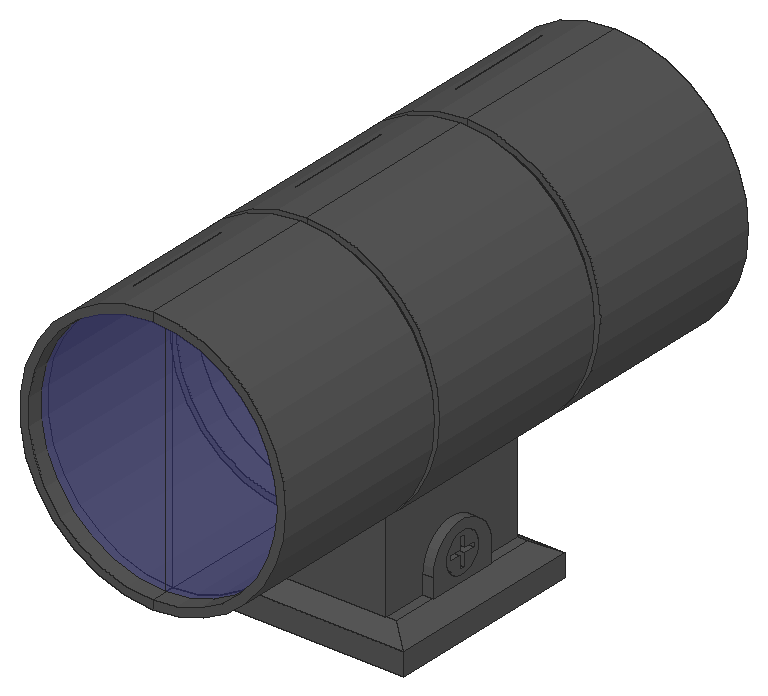
Revit family "CARLO CYLINDER LIGHT WALL MOUNT", category Lighting Fixtures, host Face, Revit 2020 (continued)
Types (10): name | Wattage_Input | Wattage Comments | Wattage | Photometric Web File | built-in parameter 1150142 | Model | built-in parameter 1150105 | Lumens | Light Length 1 | LIGHT RADIUS | LIGHT PLACEMENT | LIGHT LENGTH | LIGHT DIA | built-in parameter 1150106 | FIXED END HEIGHT | Curve base Height | Base Curve | BEAMING ANGLE | Apparent Load
    43 478.71 \r\n 474.77 471.35 465.82 455.87 441.32 420.52 395.54 367.45 337.66 308.14 \r\n 278.23 247.7 217.22 187.37 158.25 129.08 103.08 84.158 69.512 57.296 \r\n 48.53 44.594 42.564 39.647 36.82 34.187 31.574 28.747 25.984 23.435 \r\n 21.252 19.776 18.587 17.331 16.15 15.084 14.092 13.147 12.244 11.364 \r\n 10.516 9.6998 8.9154 8.1532 7.4374 6.7972 6.2086 5.6519 5.1426 4.6898 \r\n 4.2922 3.9597 3.6675 3.3897 3.1393 2.9219 2.7327 2.572 2.4296 2.2933 \r\n 2.1696 2.0645 1.9679 1.8691 1.7765 1.6969 1.624 1.5535 1.4861 1.4214 \r\n 1.3586 1.2963 1.2364 1.1812 1.1284 1.0771 1.0256 0.97006 0.91626 0.87048 \r\n 0.82722 0.78306 0.73794 0.6888 0.64122 0.60109 0.56442 0.52882 0.4954 0.46485 \r\n 0.43607 0.40852 0.38118 0.35434 0.32702 0.29712 0.26816 0.24427 0.22145 0.19551 \r\n 0.17115 0.15478 0.13708 0.10892 0.076151 0.037228 0.0052719 0 0.000085 0 \r\n 0 0 0 0.0052154 0.01978 0.053807 0.094572 0.13162 0.16826 0.20405 \r\n 0.23983 0.27676 0.31345 0.3485 0.3831 0.41853 0.45312 0.48465 0.51603 0.55218 \r\n 0.58945 0.62443 0.66124 0.70481 0.7493 0.78866 0.82848 0.87276 0.92022 0.97194 \r\n 1.0249 1.0754 1.1262 1.1794 1.2336 1.2883 1.3441 1.4014 1.4596 1.5183 \r\n 1.5771 1.6341 1.6934 1.7604 1.8305 1.8994 1.9724 2.0546 2.1426 2.2334 \r\n 2.3304 2.4345 2.5496 2.6806 2.8252 2.9809 3.1536 3.346 3.5656 3.8196 \r\n 4.112 4.4501 4.8316 5.2502 5.7256 6.28 6.9008 7.5837 8.3264 9.1328 \r\n 9.9798 10.842 11.731 12.652 13.608 14.614 15.648 16.691 17.743 18.77 \r\n 19.846 21.081 22.33 23.33 24.543 26.345 28.728 32.05 35.591 37.94 \r\n 41.535 47.644 58.363 77.853 101.19 123.9 148.77 177.84 208.82 240.11 \r\n 271.65 303.15 333.71 362.48 389.14 413.59 434.23 448.84 459.12 465.43 \r\n 469.58 473.68 477.27 480.62 483.63 486.12 488.49 491.11 493.83 496.63 \r\n 499.53 502.57 505.65 508.71 511.73 514.61 517.6 521 524.51 527.83 \r\n 531.21 534.73 538.54 542.77 547.59 553.14 559.65 567.32 576.47 587.4 \r\n 600.38 615.69 633.68 654.41 679.04 708.56 743.55 783 832.71 901.23 \r\n 979.42 1060.4 1146 1231.6 1329.2 1450.5 1591.3 1752.7 1930.4 2122.5 \r\n 2323.2 2525.4 2731.1 2940 3151.9 3367.9 3583.6 3796.7 4002.4 4195.6 \r\n 4376 4541.1 4692.5 4831.2 4956.6 5069.3 5167.2 5246.7 5313 5370.9 \r\n 5509.6 \r\n5444.5 5451.5 5428.5 5395.9 5353.8 5303.5 5241.7 5165.5 5074.5 4965.5 \r\n 4844 4715.8 4577.9 4429.2 4270.6 4102.5 3924.5 3734.6 3538.2 3339.9 \r\n 3139.9 2940 2740 2539.1 2341.8 2152.1 1970.9 1799.9 1640.3 1493.9 \r\n 1361.2 1242.9 1140.2 1057.9 985.18 909.06 840.66 789.23 747.31 710.25 \r\n 678.77 652.18 629.99 611.78 596.69 583.76 572.86 563.59 555.74 549.03 \r\n 543.32 538.53 534.27 530.05 526.17 522.87 519.79 516.59 513.38 510.15 \r\n 506.95 503.83 500.87 498.34 495.81 492.87 489.73 486.46 483.03 479.46 \r\n 475.69 472.37 467.42 459.4 446.93 427.23 403 375.6 346.28 316.99 \r\n 287.08 256.24 225.45 195.75 166.65 136.71 109.94 91.382 76.616 61.739 \r\n 50.242 45.833 43.959 40.852 37.866 35.179 32.553 29.75 26.955 24.158 \r\n 21.709 20.126 18.893 17.627 16.447 15.343 14.315 13.367 12.469 11.589 \r\n 10.734 9.8981 9.0959 8.339 7.627 6.9634 6.3486 5.7839 5.2697 4.8056 \r\n 4.3943 4.0456 3.7378 3.4486 3.1894 2.9664 2.7732 2.6082 2.4627 2.326 \r\n 2.2023 2.095 1.9958 1.8952 1.801 1.7197 1.6457 1.5755 1.509 1.4453 \r\n 1.3834 1.3206 1.2603 1.2063 1.1543 1.101 1.0476 0.99294 0.94033 0.89407 \r\n 0.84993 0.80487 0.75962 0.71285 0.66776 0.62809 0.59088 0.55388 0.51863 0.48624 \r\n 0.45576 0.42715 0.39887 0.37233 0.34567 0.3166 0.28787 0.2622 0.23736 0.21061 \r\n 0.18612 0.17024 0.15367 0.12867 0.096887 0.050584 0.010128 0 0.00012592 0 \r\n 0 0 0 0.012195 0.032639 0.062772 0.098637 0.13731 0.17714 0.21473 \r\n 0.25239 0.29224 0.33141 0.36676 0.40109 0.43687 0.47194 0.50395 0.53589 0.57211 \r\n 0.60892 0.64263 0.67756 0.71831 0.76039 0.79938 0.83971 0.88499 0.9333 0.98473 \r\n 1.0368 1.0857 1.1352 1.1884 1.2433 1.2984 1.3547 1.413 1.4722 1.5314 \r\n 1.5906 1.6479 1.708 1.7772 1.8495 1.9186 1.9922 2.0779 2.1699 2.2631 \r\n 2.3624 2.4693 2.5881 2.7238 2.8747 3.0393 3.2208 3.4193 3.6434 3.8977 \r\n 4.1936 4.5464 4.9475 5.387 5.8829 6.4532 7.0888 7.7887 8.5473 9.3652 \r\n 10.222 11.093 11.994 12.933 13.908 14.926 15.966 17.008 18.059 19.104 \r\n 20.192 21.407 22.629 23.611 24.83 26.676 29.162 32.682 36.481 38.881 \r\n 43.042 51.374 64.453 84.766 108.99 134.32 161.69 191.51 222.56 253.78 \r\n 285.06 316.35 346.48 374.35 399.69 422.38 440.88 452.7 460.58 466.14 \r\n 470.18 474.2 477.76 480.89 483.72 486.34 488.91 491.58 494.39 497.44 \r\n 500.61 503.84 507.06 510.19 513.23 516.08 519.02 522.42 525.97 529.45 \r\n 532.99 536.53 540.39 544.88 549.98 555.69 562.36 570.21 579.67 591.17 \r\n 604.85 620.83 639.54 661.04 686.54 717.06 753.3 795.13 846.14 911.33 \r\n 986.38 1068.5 1158.1 1252.3 1358.4 1482.5 1624.9 1789.2 1970.3 2167.1 \r\n 2372 2576 2781.9 2989.5 3199.4 3414.4 3628.8 3838.9 4041.6 4233.4 \r\n 4412.5 4574.9 4723.2 4859.2 4981.9 5091.9 5186.8 5262.4 5324.8 5379.3 \r\n 5509.6 \r\n5444.5 5450.1 5430.2 5400.3 5361.2 5315.1 5257.8 5185.6 5098.9 4995 \r\n 4878.7 4754.1 4619.5 4474.5 4319.7 4155.9 3981.8 3794.6 3599.9 3402.3 \r\n 3202.4 3002.6 2803 2603.4 2406.8 2215.1 2030.6 1855.5 1691.4 1541 \r\n 1404.3 1281.9 1175.5 1091.3 1016.2 934.22 859.83 805.26 761.16 721.96 \r\n 688.64 660.49 636.95 617.49 601.33 587.57 576 566.19 557.89 550.74 \r\n 544.64 539.47 534.87 530.33 526.14 522.52 519.19 515.94 512.76 509.55 \r\n 506.41 503.39 500.56 498.18 495.79 492.9 489.83 486.77 483.57 480.15 \r\n 476.54 473.21 468.68 462.47 452.06 433.75 410.65 384.2 355.58 326.61 \r\n 296.76 265.66 234.62 205.16 176.23 145.7 118.24 99.658 84.361 66.829 \r\n 52.63 47.442 45.412 42.068 38.949 36.182 33.529 30.768 27.976 24.983 \r\n 22.305 20.589 19.272 17.977 16.784 15.64 14.575 13.62 12.722 11.837 \r\n 10.974 10.12 9.3017 8.5483 7.8379 7.151 6.51 5.9352 5.4136 4.9379 \r\n 4.5122 4.144 3.8173 3.5164 3.2489 3.0196 2.8214 2.6511 2.5015 2.3634 \r\n 2.2387 2.1283 2.0258 1.9232 1.8273 1.7441 1.6687 1.5984 1.5324 1.4694 \r\n 1.4079 1.3448 1.2841 1.231 1.1795 1.1244 1.0691 1.0154 0.96393 0.91721 \r\n 0.87219 0.82612 0.78067 0.73636 0.69392 0.65491 0.61736 0.5792 0.54228 0.50798 \r\n 0.47568 0.44594 0.41665 0.39029 0.36423 0.33606 0.30766 0.28022 0.25337 0.22601 \r\n 0.20145 0.18554 0.16945 0.14697 0.11608 0.064157 0.016821 0.0022962 0.00015856 0 \r\n 0 0 0.000000 0.020224 0.047519 0.073493 0.10409 0.14496 0.18858 0.22783 \r\n 0.26713 0.31019 0.35206 0.38738 0.42105 0.45717 0.4927 0.52488 0.55705 0.59317 \r\n 0.62943 0.66186 0.69498 0.7331 0.773 0.81181 0.85278 0.89907 0.94807 0.99873 \r\n 1.0495 1.0973 1.1459 1.1991 1.2542 1.3095 1.3662 1.4254 1.4855 1.5453 \r\n 1.6051 1.663 1.7242 1.7956 1.8701 1.9396 2.0138 2.1028 2.1986 2.2944 \r\n 2.3962 2.5062 2.6288 2.7695 2.9266 3.0998 3.2903 3.4963 3.7264 3.9824 \r\n 4.2824 4.6496 5.0697 5.5308 6.0483 6.6355 7.287 8.0044 8.7791 9.6091 \r\n 10.477 11.358 12.271 13.23 14.223 15.252 16.299 17.34 18.393 19.464 \r\n 20.571 21.761 22.957 23.937 25.185 27.096 29.702 33.376 37.488 40.366 \r\n 45.509 56.087 71.428 92.507 117.55 145.42 175.21 205.71 236.75 267.86 \r\n 298.82 329.76 359.28 386.12 410.02 430.72 446.93 456.09 461.75 466.69 \r\n 470.71 474.66 478.19 481.12 483.8 486.55 489.3 492.05 494.94 498.23 \r\n 501.64 505.04 508.37 511.56 514.63 517.46 520.38 523.75 527.32 530.93 \r\n 534.62 538.22 542.17 546.92 552.33 558.24 565.12 573.23 583.06 595.18 \r\n 609.59 626.31 645.83 668.23 694.78 726.39 764.13 809.09 862.17 924.45 \r\n 996.46 1079.2 1172.4 1275.1 1389.9 1517.3 1661.5 1828.9 2013.6 2214.7 \r\n 2423.3 2629.1 2835.6 3042 3250.2 3464.2 3677.1 3884.2 4083.8 4273.8 \r\n 4451.1 4610.7 4756 4888.9 5008.6 5115.6 5207.2 5278.6 5336.8 5387.8 \r\n 5509.6 \r\n5444.5 5449.8 5433.9 5407.6 5372.2 5330.2 5277.3 5209.9 5128.5 5031.2 \r\n 4921.1 4800.8 4669.9 4528.5 4377.3 4217.9 4048.4 3865.6 3674.6 3478.6 \r\n 3279.4 3079.6 2880 2681.5 2485.4 2292.4 2105 1925 1755.4 1599.9 \r\n 1458.3 1330.6 1218.8 1129.5 1049.4 962.49 883.58 825.35 778.25 736.73 \r\n 701.47 671.41 646.15 625.18 607.7 592.83 580.32 569.76 560.84 553.11 \r\n 546.5 540.89 535.91 531.1 526.68 522.8 519.26 515.95 512.77 509.55 \r\n 506.42 503.45 500.69 498.32 495.93 493.07 490.06 487.13 484.09 480.85 \r\n 477.42 474.07 469.89 465.07 456.56 440.49 419.52 394.59 367.03 338.56 \r\n 308.87 277.74 246.56 217.08 188.02 157.16 129.04 109.25 92.331 72.625 \r\n 56.279 49.51 46.452 43.014 40.101 37.231 34.478 31.781 29.063 26.04 \r\n 23.266 21.353 19.836 18.448 17.204 16.023 14.934 13.953 13.036 12.138 \r\n 11.266 10.402 9.5746 8.8114 8.0893 7.3862 6.7269 6.1326 5.5919 5.1009 \r\n 4.6585 4.2635 3.9119 3.6 3.3258 3.0874 2.8804 2.7022 2.5458 2.4028 \r\n 2.2737 2.1577 2.0503 1.945 1.8471 1.7611 1.6832 1.6118 1.5451 1.4813 \r\n 1.4191 1.3555 1.2945 1.2412 1.1895 1.1332 1.0771 1.0235 0.97254 0.92619 \r\n 0.8813 0.83434 0.78851 0.74628 0.70632 0.66853 0.63166 0.5938 0.5568 0.52203 \r\n 0.48903 0.4584 0.42837 0.40184 0.37596 0.34862 0.32067 0.29176 0.2633 0.23597 \r\n 0.21158 0.19461 0.17781 0.15681 0.12742 0.075492 0.026543 0.0069669 0 0 \r\n 0 0.000046 0.0073826 0.033878 0.065704 0.088555 0.11573 0.16033 0.20864 0.24842 \r\n 0.28833 0.33611 0.38219 0.41648 0.44828 0.48549 0.52217 0.55317 0.58404 0.62031 \r\n 0.65689 0.68877 0.72121 0.75915 0.79852 0.83742 0.87874 0.92598 0.97546 1.0244 \r\n 1.0736 1.1224 1.1722 1.2247 1.2789 1.3339 1.3907 1.4502 1.511 1.5714 \r\n 1.632 1.6911 1.7538 1.8273 1.9037 1.9738 2.0487 2.1396 2.2376 2.3357 \r\n 2.4399 2.5525 2.678 2.8221 2.9834 3.1616 3.3585 3.5743 3.8139 4.0739 \r\n 4.3787 4.7568 5.1912 5.6694 6.2055 6.8121 7.4816 8.2121 8.9986 9.8413 \r\n 10.722 11.618 12.546 13.521 14.53 15.571 16.626 17.662 18.721 19.842 \r\n 20.99 22.143 23.3 24.304 25.604 27.603 30.285 33.743 38.062 42.518 \r\n 49.631 61.863 78.661 100.71 126.76 156.44 187.84 218.77 249.78 280.85 \r\n 311.57 341.94 370.64 396.53 419.06 437.46 451.23 458.44 462.7 467.28 \r\n 471.35 475.23 478.72 481.57 484.21 487.06 489.96 492.84 495.87 499.29 \r\n 502.82 506.28 509.65 512.85 515.91 518.76 521.67 524.99 528.5 532.09 \r\n 535.8 539.49 543.58 548.48 554.07 560.24 567.44 575.9 586.13 598.76 \r\n 613.75 631.06 651.31 674.7 702.41 734.95 774.46 824.14 881.36 943.36 \r\n 1013.8 1094.8 1187.9 1295.6 1416.1 1546.7 1693.2 1862.9 2049.7 2252.6 \r\n 2462.8 2670.2 2877.8 3084.5 3292.5 3506.1 3718.2 3923.7 4121.2 4308.7 \r\n 4483.3 4640.9 4784.3 4915 5032 5135.9 5224 5291.8 5346.4 5394.3 \r\n 5509.6 \r\n5444.5 5450.9 5439.8 5418 5387 5348.8 5300 5238.2 5163.2 5073.6 \r\n 4970.8 4855.6 4728.8 4590.8 4443.2 4288.4 4123.9 3947.3 3761.6 3568.3 \r\n 3370.4 3170.5 2970.3 2772.6 2576.9 2383.1 2193.2 2007.7 1831.4 1670.1 \r\n 1522.3 1388.1 1269.4 1171.9 1084.4 993.64 911.83 849.52 798.59 754.48 \r\n 717.08 684.78 657.45 634.72 615.7 599.45 585.77 574.25 564.53 556.1 \r\n 548.89 542.76 537.39 532.38 527.83 523.75 520.04 516.65 513.44 510.18 \r\n 507.03 504.07 501.28 498.78 496.28 493.41 490.45 487.56 484.63 481.57 \r\n 478.35 475.01 471.12 467.25 460.41 447.34 429.47 406.59 380.45 352.71 \r\n 323.33 292.42 261.23 231.41 201.88 170.93 142.18 120.04 100.46 79.127 \r\n 61.252 52.149 47.212 43.758 41.32 38.318 35.402 32.779 30.192 27.304 \r\n 24.569 22.404 20.582 19.038 17.702 16.488 15.387 14.367 13.41 12.491 \r\n 11.607 10.743 9.913 9.1267 8.3794 7.6675 6.9979 6.375 5.8033 5.2936 \r\n 4.832 4.4039 4.022 3.6997 3.42 3.1696 2.95 2.7612 2.5951 2.4437 \r\n 2.3069 2.1831 2.0692 1.9606 1.8603 1.7706 1.6893 1.6156 1.5471 1.481 \r\n 1.4169 1.3527 1.2914 1.2369 1.184 1.1276 1.0714 1.0173 0.96611 0.92095 \r\n 0.8772 0.82956 0.78321 0.74255 0.70471 0.66861 0.63338 0.5973 0.56185 0.52804 \r\n 0.49549 0.46443 0.43398 0.40695 0.38083 0.35417 0.32671 0.29671 0.26713 0.2404 \r\n 0.21642 0.19741 0.17877 0.15825 0.13097 0.084595 0.039285 0.013912 0 0 \r\n 0 0.008331 0.024426 0.054041 0.086532 0.10768 0.13396 0.1836 0.23718 0.27649 \r\n 0.31605 0.36971 0.42116 0.45351 0.48237 0.52129 0.55965 0.58821 0.61639 0.65299 \r\n 0.69061 0.72269 0.75548 0.79477 0.83584 0.87549 0.9173 0.96536 1.015 1.0615 \r\n 1.1088 1.1606 1.2135 1.2649 1.3171 1.3714 1.4279 1.4873 1.5483 1.6093 \r\n 1.6709 1.7318 1.7964 1.8717 1.9496 2.0208 2.0966 2.1878 2.2864 2.3865 \r\n 2.4931 2.6077 2.7353 2.8815 3.045 3.2245 3.4254 3.6531 3.9054 4.1723 \r\n 4.483 4.8688 5.3127 5.8033 6.3549 6.983 7.6725 8.4121 9.2061 10.062 \r\n 10.959 11.873 12.819 13.807 14.827 15.88 16.944 17.975 19.042 20.236 \r\n 21.444 22.55 23.662 24.72 26.105 28.215 30.946 33.878 38.347 45.454 \r\n 55.479 68.761 86.214 109.46 136.72 167.38 199.5 230.61 261.58 292.69 \r\n 323.2 352.8 380.47 405.45 426.66 442.52 453.81 459.83 463.53 468 \r\n 472.15 475.96 479.39 482.29 485.02 487.93 490.91 493.98 497.18 500.63 \r\n 504.15 507.57 510.9 514.06 517.11 519.99 522.93 526.15 529.53 532.96 \r\n 536.57 540.41 544.69 549.59 555.24 561.74 569.37 578.25 588.93 601.96 \r\n 617.38 635.16 656.06 680.51 709.49 742.83 784.36 840.09 903.36 967.9 \r\n 1038.4 1115.8 1205.3 1314.1 1437.3 1570.8 1720.1 1891.3 2078.6 2280.9 \r\n 2490.6 2699 2908.2 3116.7 3326.3 3540.1 3751.9 3957.3 4153.8 4337.9 \r\n 4509 4665.5 4808 4937 5051.9 5152.5 5237.2 5301.8 5353.5 5398.8 \r\n 5509.6 \r\n5444.5 5452.3 5446.1 5429.2 5402.5 5367.9 5323.2 5266.8 5198.2 5116.3 \r\n 5021 4911.2 4788.6 4654.1 4509.9 4359.3 4199.8 4029.5 3849.6 3659.3 \r\n 3462.8 3262.9 3062.3 2865.1 2669.6 2475 2282.8 2092 1909.4 1742.3 \r\n 1588.4 1447.6 1321.6 1215 1119.6 1025.8 942.01 875.64 820.58 773.44 \r\n 733.46 698.77 669.32 644.77 624.17 606.49 591.56 579.03 568.45 559.29 \r\n 551.45 544.78 539.01 533.81 529.15 524.89 521.02 517.55 514.28 510.99 \r\n 507.81 504.83 501.99 499.34 496.68 493.8 490.88 488.02 485.15 482.27 \r\n 479.23 475.9 472.23 469.06 463.69 453.68 439.11 418.53 394.05 367.22 \r\n 338.31 307.77 276.68 246.52 216.52 185.55 156.2 131.47 109.04 86.282 \r\n 67.088 55.501 48.424 44.716 42.561 39.39 36.324 33.759 31.303 28.59 \r\n 25.938 23.528 21.393 19.672 18.225 16.979 15.871 14.807 13.806 12.863 \r\n 11.967 11.104 10.272 9.4597 8.6849 7.965 7.2862 6.633 6.0283 5.4994 \r\n 5.0183 4.5562 4.143 3.8093 3.523 3.2596 3.0265 2.8259 2.6491 2.4881 \r\n 2.3427 2.2107 2.0902 1.978 1.8751 1.7817 1.6967 1.6203 1.5493 1.4806 \r\n 1.4145 1.3497 1.2881 1.232 1.1777 1.1213 1.0654 1.0106 0.95909 0.91506 \r\n 0.87245 0.82426 0.77746 0.73805 0.702 0.66745 0.63387 0.59983 0.56626 0.53372 \r\n 0.50185 0.47041 0.43955 0.41194 0.38546 0.35935 0.33233 0.3014 0.27091 0.2449 \r\n 0.22129 0.19993 0.17905 0.15843 0.13317 0.094001 0.053834 0.021959 0 0 \r\n 0 0.017648 0.043308 0.075102 0.10741 0.12804 0.15479 0.2094 0.26787 0.30692 \r\n 0.34618 0.40494 0.46092 0.49123 0.51716 0.55736 0.59697 0.62305 0.64857 0.68532 \r\n 0.72384 0.7563 0.7896 0.83091 0.8743 0.9147 0.95677 1.0053 1.0548 1.0986 \r\n 1.144 1.1988 1.255 1.3053 1.3554 1.4091 1.4652 1.5244 1.5855 1.6471 \r\n 1.71 1.7727 1.8393 1.9161 1.9953 2.0679 2.1448 2.2361 2.3353 2.4376 \r\n 2.5469 2.664 2.794 2.9425 3.1084 3.2893 3.4943 3.7345 4.0009 4.2774 \r\n 4.5963 4.9896 5.4424 5.9461 6.514 7.1637 7.8735 8.6231 9.4255 10.296 \r\n 11.209 12.141 13.105 14.104 15.134 16.197 17.271 18.301 19.381 20.644 \r\n 21.911 22.979 24.063 25.21 26.724 28.972 31.81 34.358 39.186 49.287 \r\n 62.507 76.822 94.835 119.31 147.73 179.08 211.57 242.76 273.62 304.7 \r\n 334.92 363.58 390.03 413.88 433.61 446.91 455.83 460.97 464.41 468.82 \r\n 473.04 476.76 480.12 483.08 485.92 488.87 491.92 495.18 498.55 501.99 \r\n 505.44 508.8 512.07 515.2 518.24 521.19 524.16 527.31 530.56 533.82 \r\n 537.35 541.37 545.88 550.8 556.52 563.39 571.5 580.88 592.07 605.53 \r\n 621.43 639.75 661.41 687.06 717.46 751.77 795.5 857.36 926.91 994.92 \r\n 1066.5 1140.5 1226.5 1335.8 1461.2 1597.8 1750.2 1923.1 2111.1 2312.2 \r\n 2520.7 2730 2940.7 3151.4 3362.8 3576.8 3788.1 3993.3 4188.8 4369.1 \r\n 4536.4 4691.5 4833 4960.2 5072.5 5169.5 5250.4 5311.7 5360.4 5403.1 \r\n 5509.6 \r\n5444.5 5453.9 5452.7 5440.5 5418.2 5387 5345.9 5294.7 5232.2 5157.8 \r\n 5069.8 4965.6 4847.6 4716.5 4575.4 4428.8 4273.9 4109.8 3935.6 3748.3 \r\n 3553.3 3353.7 3152.9 2955.9 2760.3 2564.8 2370.4 2174.9 1986.5 1813.9 \r\n 1654.2 1506.7 1373.4 1257.5 1154.2 1058.2 973.47 903.25 843.88 793.14 \r\n 750.02 712.83 681.31 654.94 632.75 613.64 597.47 583.91 572.47 562.55 \r\n 554.09 546.89 540.72 535.33 530.57 526.13 522.11 518.55 515.22 511.89 \r\n 508.68 505.68 502.78 499.95 497.14 494.25 491.35 488.5 485.67 482.95 \r\n 480.08 476.73 473.24 470.54 466.4 459.31 448 429.88 407.31 381.57 \r\n 353.31 323.3 292.43 261.98 231.53 200.57 170.65 14
